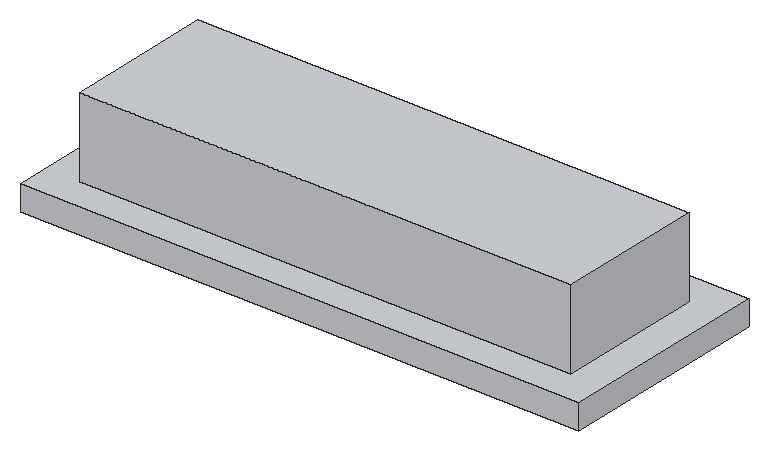
Revit family "f1732c725f834976917fbfaf71aef160", category Air Terminals, Revit 2021
Family settings
  Round Connector Dimension = Use Diameter
  Part Type = Normal
  Work Plane-Based = No
  Always vertical = Yes
  Cut with Voids When Loaded = No
  Shared = No
  Room Calculation Point = No
Parameters (values of type "Standard")
  Pressure Drop [instance] = 0.023 in-wg
  Panel Thickness = 0' 2 1/8" - 0' 1 5/8"  # 0' - 0 1/2"
  Grille Material = none
  Duct Width = 10"
  Duct Height = 3"
  Grille Width = Duct Height + 0' 1 5/16"  # 0' - 4 5/16"
  Grille Length = Duct Width + 0' 1 3/8"  # 0' - 11 3/8"
  Grille Height = 0' - 2 1/8"  # constant formula
  Default Elevation = 0' - 0"
  Air Flow [instance] = 300 CFM
Reference planes (in)
  plane 1 "Center (Front/Back)": y = 0
  plane 2: z = 0
  plane 3 "Center (Left/Right)": x = 0
  plane 4: z = 1.625
  plane 5: z = -0.5
  plane 6: x = -5
  plane 7: x = 5
  plane 8: y = 1.5
  plane 9: y = -1.5
  plane 10: x = 5.6875
  plane 11: x = -5.6875
  plane 12: y = 2.15625
  plane 13: y = -2.15625
  plane 14: z = 0.1914
Forms (in)
  Extrusion 1, solid, material <- "Grille Material"
    sketch origin (5, -180, 102.71882) x (0, 0, 1) y (0, -1, 0)
      loop
        line (-101.09382, -181.5) -> (-101.09382, -178.5) -> (-102.71882, -178.5) -> (-102.71882, -181.5) -> (-101.09382, -181.5)
    from -10 to 0
  Extrusion 2, solid, material <- "Grille Material"
    sketch origin (5, -180, 102.71882) x (0, 0, 1) y (0, -1, 0)
      loop
        line (-102.71882, -182.15625) -> (-102.71882, -177.84375) -> (-103.21882, -177.84375) -> (-103.21882, -182.15625) -> (-102.71882, -182.15625)
    from -10.6875 to 0.6875
Cuts and joins
  joined: Extrusion 1, Extrusion 2
Dimensions and locks (in)
  equal spacing: plane 8, plane 1 "Center (Front/Back)", plane 9
  "Duct Height": plane 8 to plane 9
  equal spacing: plane 6, plane 3 "Center (Left/Right)", plane 7
  "Duct Width": plane 6 to plane 7
  equal spacing: plane 12, plane 1 "Center (Front/Back)", plane 13
  "Grille Width": plane 12 to plane 13
  "Panel Thickness": plane 2 to plane 5
  "Grille Height": plane 4 to plane 5
  equal spacing: plane 11, plane 3 "Center (Left/Right)", plane 10
  "Grille Length": plane 11 to plane 10
  aligned and locked: plane 2 to level
  aligned and locked: Extrusion 1 to plane 6
  aligned and locked: plane 7 to Extrusion 1
  aligned and locked: plane 8 to Extrusion 1 sketch curve
  aligned and locked: Extrusion 1 sketch curve to plane 4
  aligned and locked: Extrusion 1 sketch curve to plane 9
  aligned and locked: Extrusion 1 sketch curve to plane 2
  aligned and locked: Extrusion 2 sketch curve to plane 2
  aligned and locked: Extrusion 2 sketch curve to plane 12
  aligned and locked: Extrusion 2 sketch curve to plane 13
  aligned and locked: plane 5 to Extrusion 2 sketch curve
  aligned and locked: Extrusion 2 to plane 11
  aligned and locked: plane 10 to Extrusion 2
Connectors (in)
  hvac at (0, 0, 1.625), driven by "Pressure Drop", driven by "Air Flow", driven by "Duct Height", driven by "Duct Width"
    settings: on cut or joined group of Extrusion 1, Extrusion 2, index 1, duct flow 300 CFM, flow factor 0, pres drop 0.023 in-wg, loss coef 0, conn angle 0.00°, conn width 10", conn height 3", conn diameter 24", duct sys type 1, conn prof type 1, flow config 1, flow direction 1, loss method 4, conn ref index -1, conn util no, is conn primary yes, conn desc "In"
